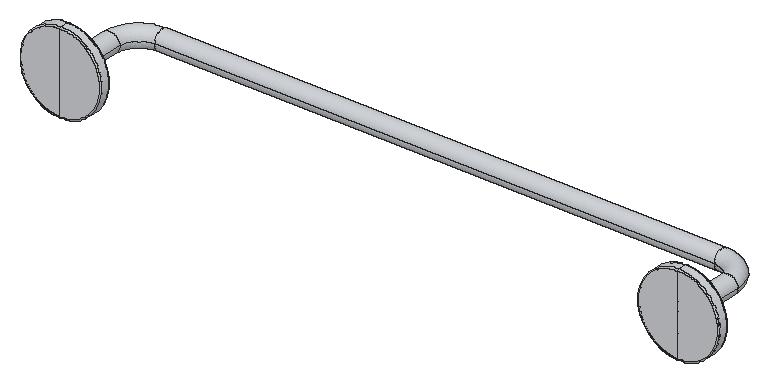
Revit family "SA-4607-18", category Plumbing Fixtures, host Wall, Revit 2023
Family settings
  Host = Wall
  Round Connector Dimension = Use Diameter
  Part Type = Normal
  OmniClass Number = 23.45.00.00
  OmniClass Title = Sanitary, Laundry, and Cleaning Equipment
  Enable Cutting in Views = No
  Always vertical = Yes
  Cut with Voids When Loaded = No
  Maintain Annotation Orientation = No
  Shared = No
  Room Calculation Point = No
Parameters
  Material = Steel
  Default Elevation = 0' - 0"
Reference planes (in)
  plane 1: y = 0
  plane 2 "Back": y = 3
  plane 3: z = 0.28125
  plane 4: z = -0.28125
  plane 5: y = 5.9375
Text (in)
  text "Placement Side" at (0, 40.15149, 123.01588), in view "Left"
  text "Placement Side" at (-70.3804, 45.82615, 0), in view "Ref. Level"
  text "⌀" at (6.14642, 0, -0.98337), in view "Front"
Dimensions and locks (in)
  locked: plane 2 "Back" to host wall
  plane 4 to plane 3 = 0' - 0 9/16"
  plane 5 to plane 2 "Back" = 0' - 2 15/16"
  nested 1 to nested 1 = 1' - 6"
  nested 1 to nested 1 = 1' - 8 3/8"
  diameter of nested 1 = 0' - 2 3/8"
Nested families (in)
  nested 1: "bb" at (5.8507, 3, 0) x (-1, 0, 0) z (0, 1, 0), type "bb"
Definition of nested family "bb"
  Parameters (values of type "bb")
    Material = none
    Default Elevation = 4' - 0"
  Reference planes (in)
    plane 1 "Center (Front/Back)": y = 0
    plane 2: z = 0
    plane 3 "Center (Left/Right)": x = 0
    plane 4: x = -10.1875
    plane 5: x = 10.1875
    plane 6: z = 2.9375
  Forms (in)
    Extrusion 1, solid
      sketch origin (0, 0, 0) x (1, 0, 0) y (0, 1, 0)
        loop
          line (-48, 48) -> (-48, -48) -> (48, -48) -> (48, 48) -> (-48, 48)
      from 0 to -12
    Revolve 2, solid, material <- "Material"
      sketch origin (-9, -3.58733, 6) x (0, -1, 0) y (0, 0, 1)
        loop
          line (-3.58733, -6) -> (-2.43108, -6)
          arc (-2.43108, -6) -> (-2.40899, -5.99085) -> (-2.39983, -5.96875) r 0.03125
          line (-2.39983, -5.96875) -> (-2.39983, -5.71321)
          arc (-2.39983, -5.71321) -> (-2.4177, -5.68716) -> (-2.44766, -5.67712) r 0.04973
          arc (-2.44766, -5.67712) -> (-2.61164, -5.62587) -> (-2.71723, -5.49034) r 0.28793
          line (-2.71723, -5.49034) -> (-2.80632, -5.40126) -> (-3.58733, -5.40126) -> (-3.58733, -6)
        axis (-3.58733, -5.40126) -> (-3.58733, -6)
      angle from 0 to 360
    Sweep 3, solid, material <- "Material"
      path origin (6.32781, 0, 6) x (1, 0, 0) y (0, 0, 1)
        loop
          line (-15.32781, -5.40126) -> (-15.32781, -4.18961)
          arc (-15.32781, -4.18961) -> (-15.08006, -3.5915) -> (-14.48195, -3.34375) r 0.84586
          line (-14.48195, -3.34375) -> (1.82633, -3.34375)
          arc (1.82633, -3.34375) -> (2.42444, -3.5915) -> (2.67219, -4.18961) r 0.84586
          line (2.67219, -4.18961) -> (2.67219, -5.40126)
      profile origin (-9, 0, 1.20457) x (-1, 0, 0) y (0, -1, 0)
        loop
          circle (0, 0) r 0.28125
    Revolve 4, solid, material <- "Material"
      sketch origin (9, -3.58733, 6) x (0, -1, 0) y (0, 0, -1)
        loop
          line (-3.58733, 6) -> (-3.58733, 5.40126) -> (-2.80632, 5.40126) -> (-2.71723, 5.49034)
          arc (-2.71723, 5.49034) -> (-2.61164, 5.62587) -> (-2.44766, 5.67712) r 0.28793
          arc (-2.44766, 5.67712) -> (-2.4177, 5.68716) -> (-2.39983, 5.71321) r 0.04973
          line (-2.39983, 5.71321) -> (-2.39983, 5.96875)
          arc (-2.39983, 5.96875) -> (-2.40899, 5.99085) -> (-2.43108, 6) r 0.03125
          line (-2.43108, 6) -> (-3.58733, 6)
        axis (-3.58733, 6) -> (-3.58733, 5.40126)
      angle from 0 to 360
  Dimensions and locks (in)
    locked: Revolve 2 sketch curve to Revolve 2 sketch curve at 0.59874
    locked: Revolve 4 sketch curve to Revolve 4 sketch curve at 0.59874
    aligned and locked: plane 2 to Extrusion 1
    aligned and locked: level to Extrusion 1
